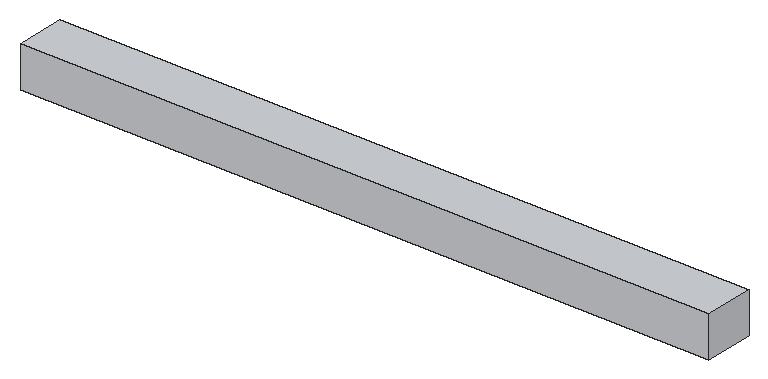
Revit family "XXX_ELT_Leuchte", category Leuchten, Revit 2014
Parameters (values of type "A7.1 Langfeld-Anbauleuchte, Spiegelraster, 1x28W, IP20")
  test = Familie3 : Familie3
  länge = 1180 mm
  höhe = 70 mm
  radius = 500 mm
  breite = 85 mm
  built-in parameter 1150104 = 13.8 (stored number, unit not read)
  Wattage = 28 W
  Emit from Line Length = 609.6 mm
  built-in parameter 1150113 = 1 (stored number, unit not read)
  built-in parameter 1114218 = 1 (stored number, unit not read)
  built-in parameter 1150134 = 3
  built-in parameter 1150109 = 1 (stored number, unit not read)
  built-in parameter 1150110 = 1 (stored number, unit not read)
  Spannung Vorschaltgerät = 230 V
  Scheinlast = 28 VA
  Rundleuchte = no
  Rechteck-Koerper = yes
  Rahmen = no
  Modell = "A7.1"
  Länge_berechnet [instance] = länge - 100 mm  # 1080 mm
  built-in parameter 1114217 = 1 (stored number, unit not read)
  built-in parameter 1150139 = (empty or 0)
  built-in parameter 1150105 = 1323.9 (stored number, unit not read)
  built-in parameter 1150114 = 1 (stored number, unit not read)
  Lumens = 4159.17 lm
  built-in parameter 1150115 = 1 (stored number, unit not read)
  Lastklassifizierung [instance] = Sonstige
  built-in parameter 1150112 = 1 (stored number, unit not read)
  Light Source Symbol Size = 609.6 mm
  Flammen = yes
  Flamme4 = 0 mm
  Flamme3 = 0 mm
  Flamme2 = 0 mm
  Flamme1 = 0 mm
  Dimming Lamp Color Temperature Shift = (empty or 0)
  Color Filter = 16777215
  built-in parameter 1150133 = 10 (stored number, unit not read)
  built-in parameter 1150137 = (empty or 0)
  built-in parameter 1150132 = (empty or 0)
  Einbauleuchte = no
  ELT_Leuchtentyp = "A7"
  ELT_Lampenbezeichnung [instance] = no
  built-in parameter 1150106 = 13.239 (stored number, unit not read)
  built-in parameter 1150107 = 3200 (stored number, unit not read)
  built-in parameter 1150102 = (empty or 0)
  built-in parameter 1150138 = (empty or 0)
Types (54, lengths in mm): name | länge | höhe | radius | breite | Wattage | built-in parameter 1150134 | Scheinlast | Rahmen | Modell | Länge_berechnet | built-in parameter 1150105 | Lumens | Flammen | Flamme4 | Flamme3 | Flamme2 | Flamme1 | Dimming Lamp Color Temperature Shift | ELT_Leuchtentyp | built-in parameter 1150106 | built-in parameter 1150107
  B2 Leuchte in Bettenschiene integriert, 1x36W | 1500 | 100 | 174.345 | 313 | 72 W | 3 | 72 VA | no | "B2" | 1400 | 3404.3 (stored number, unit not read) | 10695 lm | yes | 60 | 60 | 60 | 60 | (empty or 0) | "B2" | 34.043 (stored number, unit not read) | 3200 (stored number, unit not read)
  B1 Leuchte in Bettenschiene integriert, 2x58W | 500 | 100 | 174.345 | 189 | 116 W | 3 | 116 VA | no | "B1" | 400 | 5484.8 (stored number, unit not read) | 17230.9 lm | yes | 0 | 0 | 0 | 0 | (empty or 0) | "B1" | 54.848 (stored number, unit not read) | 3200 (stored number, unit not read)
  A13-D Reinraum-Anbauleuchte, Spiegelraster, VSG-Abdeckung, 1x49W, IP65 | 1600 | 70 | 500 | 412 | 49 W | 3 | 49 VA | no | "A13-D" | 1500 | 2316.8 (stored number, unit not read) | 7278.56 lm | yes | 0 | 0 | 0 | 0 | (empty or 0) | "" | 23.168 (stored number, unit not read) | 3200 (stored number, unit not read)
  A17.2 Langfeld-Anbauleuchte,opale Wanne, 1x54W, IP50 | 1234 | 70 | 500 | 111 | 54 W | 3 | 54 VA | no | "A17.2" | 1134 | 2553.2 (stored number, unit not read) | 8021.27 lm | yes | 0 | 0 | 0 | 0 | (empty or 0) | "" | 25.532 (stored number, unit not read) | 3200 (stored number, unit not read)
  A17.1 Langfeld-Anbauleuchte, opale Wanne, 1x28W, IP50 | 1234 | 70 | 500 | 111 | 28 W | 3 | 28 VA | no | "A17.1" | 1134 | 1323.9 (stored number, unit not read) | 4159.17 lm | yes | 0 | 0 | 0 | 0 | (empty or 0) | "" | 13.239 (stored number, unit not read) | 3200 (stored number, unit not read)
  A6  FR-Hängeleuchte, transp. Abdeckwanne, 2x54W, IP66 | 1300 | 113 | 500 | 170 | 108 W | 3 | 108 VA | no | "A6-P" | 1200 | 5106.5 (stored number, unit not read) | 16042.5 lm | yes | 60 | 60 | 60 | 60 | (empty or 0) | "A6" | 51.065 (stored number, unit not read) | 3200 (stored number, unit not read)
  A2.2  FR-Hängeleuchte, transp. Abdeckwanne, 1x49W, IP66 | 1600 | 113 | 500 | 115 | 49 W | 3 | 49 VA | no | "A2.2-P" | 1500 | 2316.8 (stored number, unit not read) | 7278.56 lm | yes | 0 | 0 | 0 | 0 | (empty or 0) | "A2" | 23.168 (stored number, unit not read) | 3200 (stored number, unit not read)
  A4 FR-Hängeleuchte, transp. Abdeckwanne, 2x35W, IP66 | 1600 | 113 | 500 | 170 | 70 W | 3 | 70 VA | no | "A4-P" | 1500 | 3309.8 (stored number, unit not read) | 10397.9 lm | yes | 60 | 60 | 60 | 60 | (empty or 0) | "" | 33.098 (stored number, unit not read) | 3200 (stored number, unit not read)
  A14.1 Langfeld-Hängeleuchte, Spiegelraster, 1x49W, IP20 | 1600 | 70 | 500 | 197 | 49 W | 3 | 49 VA | no | "A14.1-P" | 1500 | 2316.8 (stored number, unit not read) | 7278.56 lm | yes | 0 | 0 | 0 | 0 | (empty or 0) | "" | 23.168 (stored number, unit not read) | 3200 (stored number, unit not read)
  A5 FR-Hängeleuchte, transp. Abdeckwanne, 2x49W, IP66 | 1600 | 113 | 500 | 170 | 98 W | 3 | 98 VA | no | "A5-P" | 1500 | 4633.7 (stored number, unit not read) | 14557.1 lm | yes | 60 | 60 | 60 | 60 | (empty or 0) | "A5" | 46.337 (stored number, unit not read) | 3200 (stored number, unit not read)
  A2.1  FR-Hängeleuchte, transp. Abdeckwanne, 1x35W, IP66 | 1600 | 113 | 500 | 115 | 35 W | 3 | 35 VA | no | "A2.1-P" | 1500 | 1654.9 (stored number, unit not read) | 5198.97 lm | yes | 0 | 0 | 0 | 0 | (empty or 0) | "A2" | 16.549 (stored number, unit not read) | 3200 (stored number, unit not read)
  A1.2 FR-Hängeleuchte, transp. Abdeckwanne, 1x54W, IP66 | 1270 | 113 | 500 | 113 | 54 W | 3 | 54 VA | no | "A1.2-P" | 1170 | 2553.2 (stored number, unit not read) | 8021.27 lm | yes | 0 | 0 | 0 | 0 | (empty or 0) | "" | 25.532 (stored number, unit not read) | 3200 (stored number, unit not read)
  A1.1 FR-Hängeleuchte, transp. Abdeckwanne, 1x28W, IP66 | 1270 | 113 | 500 | 113 | 28 W | 3 | 28 VA | no | "A1.1-P" | 1170 | 1323.9 (stored number, unit not read) | 4159.17 lm | yes | 0 | 0 | 0 | 0 | (empty or 0) | "" | 13.239 (stored number, unit not read) | 3200 (stored number, unit not read)
  E2-D Reinraum Einbauleuchte, Spiegelraster,VSG-Abdeckung, 2x80W, IP65 | 1500 | 100 | 195 | 300 | 160 W | 3 | 160 VA | yes | "E2-D" | 1400 | 7565.2 (stored number, unit not read) | 23766.7 lm | no | 0 | 0 | 0 | 0 | (empty or 0) | "" | 75.652 (stored number, unit not read) | 3200 (stored number, unit not read)
  A9 Anbau Tiefstrahler quadratisch, VSG-matt, 1x42W, IP65 | 260 | 70 | 500 | 260 | 42 W | 3 | 42 VA | yes | "A9" | 160 | 1985.9 (stored number, unit not read) | 6238.76 lm | no | 0 | 0 | 0 | 0 | (empty or 0) | "" | 19.859 (stored number, unit not read) | 3200 (stored number, unit not read)
  E4.2-D Reinraum-Einbauleuchte, Spiegelraster, VSG-Abdeckung, 2x49W, IP65 | 1500 | 100 | 195 | 300 | 98 W | 3 | 98 VA | yes | "E4.2-D" | 1400 | 4633.7 (stored number, unit not read) | 14557.1 lm | no | 0 | 0 | 0 | 0 | (empty or 0) | "E4.2-D" | 46.337 (stored number, unit not read) | 3200 (stored number, unit not read)
  E4.1-D Reinraum-Einbauleuchte, Spiegelraster, VSG-Abdeckung, 2x35W, IP65 | 1500 | 100 | 195 | 300 | 70 W | 3 | 70 VA | yes | "E4.1-D" | 1400 | 3309.8 (stored number, unit not read) | 10397.9 lm | no | 0 | 0 | 0 | 0 | (empty or 0) | "E4.1-D" | 33.098 (stored number, unit not read) | 3200 (stored number, unit not read)
  A14.2 Langfeld-Anbauleuchte, Spiegelraster, 1x80W, IP20 | 1600 | 70 | 500 | 197 | 80 W | 3 | 80 VA | no | "A14.2" | 1500 | 3782.6 (stored number, unit not read) | 11883.4 lm | yes | 0 | 0 | 0 | 0 | (empty or 0) | "" | 37.826 (stored number, unit not read) | 3200 (stored number, unit not read)
  A14.1 Langfeld-Anbauleuchte, Spiegelraster, 1x49W, IP20 | 1600 | 70 | 500 | 197 | 49 W | 3 | 49 VA | no | "A14.1" | 1500 | 2316.8 (stored number, unit not read) | 7278.56 lm | yes | 0 | 0 | 0 | 0 | (empty or 0) | "" | 23.168 (stored number, unit not read) | 3200 (stored number, unit not read)
  A13 Reinraum-Anbauleuchte, Spiegelraster, VSG-Abdeckung, 1x49W, IP65 | 1600 | 70 | 500 | 412 | 49 W | 3 | 49 VA | no | "A13" | 1500 | 2316.8 (stored number, unit not read) | 7278.56 lm | yes | 0 | 0 | 0 | 0 | (empty or 0) | "" | 23.168 (stored number, unit not read) | 3200 (stored number, unit not read)
  A10.2 Langfeld-Anbauleuchte, weißes Raster, 1x54W, IP20 | 1300 | 70 | 500 | 197 | 54 W | 3 | 54 VA | no | "A10.2" | 1200 | 2553.2 (stored number, unit not read) | 8021.27 lm | yes | 0 | 0 | 0 | 0 | (empty or 0) | "" | 25.532 (stored number, unit not read) | 3200 (stored number, unit not read)
  A12 Langfeld-Anbauleuchte, Prismenwanne, 1x36W, IP54 | 1300 | 70 | 500 | 110 | 36 W | 3 | 36 VA | no | "A12" | 1200 | 1702.2 (stored number, unit not read) | 5347.51 lm | yes | 0 | 0 | 0 | 0 | (empty or 0) | "" | 17.022 (stored number, unit not read) | 3200 (stored number, unit not read)
  A11 Langfeld-Anbauleuchte, Prismenwanne, 1x58W, IP54 | 1600 | 70 | 500 | 110 | 58 W | 3 | 58 VA | no | "A11" | 1500 | 2742.4 (stored number, unit not read) | 8615.43 lm | yes | 0 | 0 | 0 | 0 | (empty or 0) | "" | 27.424 (stored number, unit not read) | 3200 (stored number, unit not read)
  A10.1 Langfeld-Anbauleuchte, weißes Raster, 1x28W, IP20 | 1300 | 70 | 500 | 197 | 28 W | 3 | 28 VA | no | "A10.1" | 1200 | 1323.9 (stored number, unit not read) | 4159.17 lm | yes | 0 | 0 | 0 | 0 | (empty or 0) | "" | 13.239 (stored number, unit not read) | 3200 (stored number, unit not read)
  E1.2 Langfeld-Einbauleuchte, weißes Raster,1x54W, IP20 | 1200 | 100 | 195 | 106 | 54 W | 3 | 54 VA | yes | "E1.2" | 1100 | 2553.2 (stored number, unit not read) | 8021.27 lm | no | 0 | 0 | 0 | 0 | (empty or 0) | "E1" | 25.532 (stored number, unit not read) | 3200 (stored number, unit not read)
  E8.2 Langfeld-Einbauleuchte, weißes Raster, 2x49W, IP20 | 1500 | 100 | 195 | 190 | 98 W | 3 | 98 VA | yes | "E8.2" | 1400 | 4633.7 (stored number, unit not read) | 14557.1 lm | no | 0 | 0 | 0 | 0 | (empty or 0) | "" | 46.337 (stored number, unit not read) | 3200 (stored number, unit not read)
  E5.2 Langfeld-Einbauleuchte, weißes Raster, 1x49W, IP20 | 1500 | 100 | 195 | 106 | 49 W | 3 | 49 VA | yes | "E5.2" | 1400 | 2316.8 (stored number, unit not read) | 7278.56 lm | no | 0 | 0 | 0 | 0 | (empty or 0) | "E5" | 23.168 (stored number, unit not read) | 3200 (stored number, unit not read)
  E5.3 Langfeld-Einbauleuchte, weißes Raster, 1x80W, IP20 | 1500 | 100 | 195 | 106 | 80 W | 3 | 80 VA | yes | "E5.3" | 1400 | 3782.6 (stored number, unit not read) | 11883.4 lm | no | 0 | 0 | 0 | 0 | (empty or 0) | "E5" | 37.826 (stored number, unit not read) | 3200 (stored number, unit not read)
  E4.2 Reinraum-Einbauleuchte, Spiegelraster, VSG-Abdeckung, 2x49W, IP65 | 1500 | 100 | 195 | 300 | 98 W | 3 | 98 VA | yes | "E4.2" | 1400 | 4633.7 (stored number, unit not read) | 14557.1 lm | no | 0 | 0 | 0 | 0 | (empty or 0) | "E4" | 46.337 (stored number, unit not read) | 3200 (stored number, unit not read)
  E3.2 Langfeld-Einbauleuchte, Spiegelraster, 1x49W, IP20 | 1500 | 100 | 195 | 106 | 49 W | 3 | 49 VA | yes | "E3.2" | 1400 | 2316.8 (stored number, unit not read) | 7278.56 lm | no | 0 | 0 | 0 | 0 | (empty or 0) | "" | 23.168 (stored number, unit not read) | 3200 (stored number, unit not read)
  E3.3 Langfeld-Einbauleuchte, Spiegelraster, 1x80W, IP20 | 1500 | 100 | 195 | 106 | 80 W | 3 | 80 VA | yes | "E3.3" | 1400 | 3782.6 (stored number, unit not read) | 11883.4 lm | no | 0 | 0 | 0 | 0 | (empty or 0) | "E3" | 37.826 (stored number, unit not read) | 3200 (stored number, unit not read)
  D4.1 Einbau-Downlight quadratisch, glänzender Reflektor, Abdeckung Opalglas, 1x26W, IP54 | 250 | 100 | 195 | 250 | 26 W | 3 | 26 VA | yes | "D4.1" | 150 | 1229.3 (stored number, unit not read) | 3862.09 lm | no | 0 | 0 | 0 | 0 | (empty or 0) | "D4" | 12.293 (stored number, unit not read) | 3200 (stored number, unit not read)
  A1.2 FR-Anbauleuchte, transp. Abdeckwanne, 1x54W, IP66 | 1270 | 113 | 500 | 113 | 54 W | 3 | 54 VA | no | "A1.2" | 1170 | 2553.2 (stored number, unit not read) | 8021.27 lm | yes | 0 | 0 | 0 | 0 | (empty or 0) | "" | 25.532 (stored number, unit not read) | 3200 (stored number, unit not read)
  A7.2 Langfeld-Anbauleuchte, Spiegelraster, 1x54W, IP20 | 1180 | 70 | 500 | 85 | 54 W | 3 | 54 VA | no | "A7.2" | 1080 | 2553.2 (stored number, unit not read) | 8021.27 lm | yes | 0 | 0 | 0 | 0 | (empty or 0) | "A7" | 25.532 (stored number, unit not read) | 3200 (stored number, unit not read)
  A2.3  FR-Anbauleuchte, transp. Abdeckwanne, 1x80W, IP66 | 1600 | 113 | 500 | 115 | 80 W | 3 | 80 VA | no | "A2.3" | 1500 | 3782.6 (stored number, unit not read) | 11883.4 lm | yes | 0 | 0 | 0 | 0 | (empty or 0) | "A2" | 37.826 (stored number, unit not read) | 3200 (stored number, unit not read)
  A2.1  FR-Anbauleuchte, transp. Abdeckwanne, 1x35W, IP66 | 1600 | 113 | 500 | 115 | 35 W | 3 | 35 VA | no | "A2.1" | 1500 | 1654.9 (stored number, unit not read) | 5198.97 lm | yes | 0 | 0 | 0 | 0 | (empty or 0) | "A2" | 16.549 (stored number, unit not read) | 3200 (stored number, unit not read)
  A7.2-P Langfeld-Hängeleuchte, spiegelraster, 1x54W, IP20 | 1180 | 70 | 500 | 85 | 54 W | 3 | 54 VA | no | "A7.2-P" | 1080 | 2553.2 (stored number, unit not read) | 8021.27 lm | yes | 0 | 0 | 0 | 0 | (empty or 0) | "" | 25.532 (stored number, unit not read) | 3200 (stored number, unit not read)
  E4-D Einbauleuchte, 2x49W, RPX-Raster, IP20 | 1500 | 100 | 195 | 300 | 98 W | 2 | 98 VA | yes | "E4-D" | 1400 | 4633.7 (stored number, unit not read) | 14557.1 lm | no | 0 | 0 | 0 | 0 | (empty or 0) | "E4-D" | 46.337 (stored number, unit not read) | 5000 (stored number, unit not read)
  A7.1 Langfeld-Anbauleuchte, Spiegelraster, 1x28W, IP20 | 1180 | 70 | 500 | 85 | 28 W | 3 | 28 VA | no | "A7.1" | 1080 | 1323.9 (stored number, unit not read) | 4159.17 lm | yes | 0 | 0 | 0 | 0 | (empty or 0) | "A7" | 13.239 (stored number, unit not read) | 3200 (stored number, unit not read)
  A6  FR-Anbauleuchte, transp. Abdeckwanne, 2x54W, IP66 | 1300 | 113 | 500 | 170 | 108 W | 3 | 108 VA | no | "A6" | 1200 | 5106.5 (stored number, unit not read) | 16042.5 lm | yes | 60 | 60 | 60 | 60 | (empty or 0) | "A6" | 51.065 (stored number, unit not read) | 3200 (stored number, unit not read)
  A5 FR-Anbauleuchte, transp. Abdeckwanne, 2x49W, IP66 | 1600 | 113 | 500 | 170 | 98 W | 3 | 98 VA | no | "A5" | 1500 | 4633.7 (stored number, unit not read) | 14557.1 lm | yes | 60 | 60 | 60 | 60 | (empty or 0) | "A5" | 46.337 (stored number, unit not read) | 3200 (stored number, unit not read)
  A4 FR-Anbauleuchte, transp. Abdeckwanne, 2x35W, IP66 | 1600 | 113 | 500 | 170 | 70 W | 3 | 70 VA | no | "A4" | 1500 | 3309.8 (stored number, unit not read) | 10397.9 lm | yes | 60 | 60 | 60 | 60 | (empty or 0) | "A4" | 33.098 (stored number, unit not read) | 3200 (stored number, unit not read)
  A3 FR-Anbauleuchte, transp. Abdeckwanne, 2x28W, IP66 | 1300 | 113 | 500 | 170 | 56 W | 3 | 56 VA | no | "A3" | 1200 | 2647.8 (stored number, unit not read) | 8318.35 lm | yes | 60 | 60 | 60 | 60 | (empty or 0) | "A3" | 26.478 (stored number, unit not read) | 3200 (stored number, unit not read)
  A2.2  FR-Anbauleuchte, transp. Abdeckwanne, 1x49W, IP66 | 1600 | 113 | 500 | 115 | 49 W | 3 | 49 VA | no | "A2.2" | 1500 | 2316.8 (stored number, unit not read) | 7278.56 lm | yes | 0 | 0 | 0 | 0 | (empty or 0) | "A2" | 23.168 (stored number, unit not read) | 3200 (stored number, unit not read)
  E8.1 Langfeld-Einbauleuchte, weißes Raster, 2x35W, IP20 | 1500 | 100 | 195 | 190 | 70 W | 3 | 70 VA | yes | "E8.1" | 1400 | 3309.8 (stored number, unit not read) | 10397.9 lm | no | 0 | 0 | 0 | 0 | (empty or 0) | "" | 33.098 (stored number, unit not read) | 3200 (stored number, unit not read)
  D5 Einbau-Downlight quadratisch, glänzender Reflektor, Abdeckung Opalglas, 1x18W, IP54 | 250 | 100 | 195 | 250 | 18 W | 3 | 18 VA | yes | "D5" | 150 | 851.08 (stored number, unit not read) | 2673.76 lm | no | 0 | 0 | 0 | 0 | (empty or 0) | "d5" | 8.5108 (stored number, unit not read) | 3200 (stored number, unit not read)
  E6 Langfeld-Einbauleuchte, opale Plexiglas Abdeckung, 2x28W, IP20 | 1250 | 100 | 195 | 313 | 56 W | 3 | 56 VA | yes | "E6" | 1150 | 2647.8 (stored number, unit not read) | 8318.35 lm | no | 0 | 0 | 0 | 0 | (empty or 0) | "E6" | 26.478 (stored number, unit not read) | 3200 (stored number, unit not read)
  E4.1 Reinraum-Einbauleuchte, Spiegelraster, VSG-Abdeckung, 2x35W, IP65 | 1500 | 100 | 195 | 300 | 70 W | 3 | 70 VA | yes | "E4.1" | 1400 | 3309.8 (stored number, unit not read) | 10397.9 lm | no | 0 | 0 | 0 | 0 | (empty or 0) | "E4" | 33.098 (stored number, unit not read) | 3200 (stored number, unit not read)
  E5.1 Langfeld-Einbauleuchte, weißes Raster, 1x35W, IP20 | 1500 | 100 | 195 | 106 | 35 W | 3 | 35 VA | yes | "E5.1" | 1400 | 1654.9 (stored number, unit not read) | 5198.97 lm | no | 0 | 0 | 0 | 0 | (empty or 0) | "E5" | 16.549 (stored number, unit not read) | 3200 (stored number, unit not read)
  E3.1 Langfeld-Einbauleuchte, Spiegelraster, 1x35W, IP20 | 1500 | 100 | 195 | 106 | 35 W | 3 | 35 VA | yes | "E3.1" | 1400 | 1654.9 (stored number, unit not read) | 5198.97 lm | no | 0 | 0 | 0 | 0 | (empty or 0) | "" | 16.549 (stored number, unit not read) | 3200 (stored number, unit not read)
  E1.1 Langfeld-Einbauleuchte, weißes Raster,1x28W, IP20 | 1200 | 100 | 195 | 106 | 28 W | 3 | 28 VA | yes | "E1.1" | 1100 | 1323.9 (stored number, unit not read) | 4159.17 lm | no | 0 | 0 | 0 | 0 | (empty or 0) | "E1" | 13.239 (stored number, unit not read) | 3200 (stored number, unit not read)
  E2 Reinraum Einbauleuchte, Spiegelraster,VSG-Abdeckung, 2x80W, IP65 | 1500 | 100 | 195 | 300 | 160 W | 3 | 160 VA | yes | "E2" | 1400 | 7565.2 (stored number, unit not read) | 23766.7 lm | no | 0 | 0 | 0 | 0 | (empty or 0) | "E2" | 75.652 (stored number, unit not read) | 3200 (stored number, unit not read)
  D4.2 Einbau-Downlight quadratisch, glänzender Reflektor, Abdeckung Opalglas, 1x32W, IP54 | 250 | 100 | 195 | 250 | 32 W | 3 | 32 VA | yes | "D4.2" | 150 | 1513 (stored number, unit not read) | 4753.34 lm | no | 0 | 0 | 0 | 0 | (empty or 0) | "D4" | 15.13 (stored number, unit not read) | 3200 (stored number, unit not read)
  A1.1 FR-Anbauleuchte, transp. Abdeckwanne, 1x28W, IP66 | 1270 | 113 | 500 | 113 | 28 W | 2 | 28 VA | no | "A1.1" | 1170 | 1323.9 (stored number, unit not read) | 4159.17 lm | yes | 0 | 0 | 0 | 0 | 1 | "" | 13.239 (stored number, unit not read) | 5000 (stored number, unit not read)
Reference planes
  plane 1 "Mitte (Vorne/hinten)": y = 0
  plane 2: z = 0
  plane 3 "Mitte (Links/rechts)": x = 0
  plane 4: y = 42.5
  plane 5: x = 590
  plane 6: y = -42.5
  plane 7: x = -590
  plane 8: z = 70
  plane 9: x = -540
  plane 10: x = 540
  plane 11: y = 0
  plane 12: y = 0
  plane 13: y = 0
  plane 14: y = 0
Forms (mm)
  Extrusion 1, solid, visible <- "Rechteck-Koerper"
    sketch origin (0, 0, 0) x (1, 0, 0) y (0, 1, 0)
      loop
        line (-590, 42.5) -> (-590, -42.5) -> (590, -42.5) -> (590, 42.5) -> (-590, 42.5)
    from 0 to 70
  Extrusion 2, solid, visible <- "Rundleuchte"
    sketch origin (0, 0, 0) x (1, 0, 0) y (0, 1, 0)
      loop
        circle (0, 0) r 500
    from 0 to 70
Lines and regions (mm)
  symbolic lines, visible <- "Rahmen"
    curve 1: line (-590, 42.5, 0) -> (590, 42.5, 0)
    curve 2: line (-590, -42.5, 0) -> (-590, 42.5, 0)
    curve 3: line (590, -42.5, 0) -> (-590, -42.5, 0)
    curve 4: line (590, 42.5, 0) -> (590, -42.5, 0)
  symbolic lines, visible <- "Rundleuchte"
    curve 5: circle (0, 0, 0) r 500 normal (0, 0, 1)
    curve 8: line (499.914, 9.28, 0) -> (-499.914, -9.28, 0)
    curve 18: line (-499.914, 9.28, 0) -> (499.914, -9.28, 0)
  symbolic lines, visible <- "Einbauleuchte"
    curve 6: line (-590, 7.5, 0) -> (590, 7.5, 0)
    curve 7: line (-590, -7.5, 0) -> (590, -7.5, 0)
  symbolic lines, not visible
    curve 9: line (-692.494, 79.199, 0) -> (-692.494, 14.199, 0)
    curve 10: line (-692.494, 46.699, 0) -> (756.506, 46.699, 0)
    curve 11: line (756.506, 79.199, 0) -> (756.506, 14.199, 0)
    curve 12: line (-574.5, 79.199, 0) -> (-574.5, 14.199, 0)
    curve 13: line (-574.5, 46.699, 0) -> (574.5, 46.699, 0)
    curve 14: line (574.5, 79.199, 0) -> (574.5, 14.199, 0)
    curve 15: line (-200, 214.083, 0) -> (-200, 154.083, 0)
    curve 16: line (-200, 184.083, 0) -> (200, 184.083, 0)
    curve 17: line (200, 214.083, 0) -> (200, 154.083, 0)
Dimensions and locks
  equal spacing: plane 6, plane 1 "Mitte (Vorne/hinten)", plane 4
  "breite": plane 4 to plane 6
  equal spacing: plane 7, plane 3 "Mitte (Links/rechts)", plane 5
  "länge": plane 7 to plane 5
  "höhe": plane 8 to level
  Extrusion 1 to curve 7 = 50 mm
  Extrusion 1 to curve 6 = 50 mm
  locked: plane 7 to plane 9 at 50
  locked: plane 10 to plane 5 at 50
  "Flamme3": plane 1 "Mitte (Vorne/hinten)" to plane 12
  "Flamme4": plane 1 "Mitte (Vorne/hinten)" to plane 11
  "Flamme2": plane 13 to plane 1 "Mitte (Vorne/hinten)"
  "Flamme1": plane 14 to plane 1 "Mitte (Vorne/hinten)"
  "radius": radius of curve 5
  "radius": radius of Extrusion 2 sketch curve
  aligned and locked: level to plane 2
  aligned and locked: Extrusion 1 sketch curve to plane 4
  aligned and locked: Extrusion 1 sketch curve to plane 7
  aligned and locked: Extrusion 1 sketch curve to plane 6
  aligned and locked: Extrusion 1 sketch curve to plane 5
  aligned and locked: plane 8 to Extrusion 1
  aligned and locked: Extrusion 1 to level
  aligned and locked: Extrusion 1 to Extrusion 2
  aligned and locked: nested 1 to plane 11
  aligned and locked: nested 4 to plane 14
  aligned and locked: nested 3 to plane 12
  aligned and locked: nested 2 to plane 13
  aligned and locked: nested 5 to plane 7
  aligned and locked: nested 5 to plane 4
Automatic sketch dimensions
  curve 15 to curve 17 = 0 mm
  curve 17 to curve 16 = 30 mm
  curve 16 to curve 17 = 30 mm
  curve 16 to curve 15 = 30 mm
  curve 15 to curve 17 = 400 mm
  curve 6 to plane 7 = 0 mm
  plane 1 "Mitte (Vorne/hinten)" to curve 5 = 0 mm
  curve 5 to plane 3 "Mitte (Links/rechts)" = 0 mm
  curve 7 to plane 5 = 0 mm
  plane 6 to curve 3 = 0 mm
  curve 1 to plane 4 = 0 mm
  plane 1 "Mitte (Vorne/hinten)" to curve 8 = 9.28 mm
  curve 18 to plane 1 "Mitte (Vorne/hinten)" = 9.28 mm
  curve 8 to plane 1 "Mitte (Vorne/hinten)" = 9.28 mm
  plane 1 "Mitte (Vorne/hinten)" to curve 18 = 9.28 mm
  plane 1 "Mitte (Vorne/hinten)" to Extrusion 2 sketch curve = 0 mm
  Extrusion 2 sketch curve to plane 3 "Mitte (Links/rechts)" = 0 mm
Nested families
  nested 1: "Familie1" at (0, 0, 0), Leuchtenlänge <- "Länge_berechnet", visible <- "Flammen", type "Familie1"
    with Leuchtenlänge 1080 mm, Leuchtenhöhe 100 mm
  nested 2: "Familie1" at (0, 0, 0), Leuchtenlänge <- "Länge_berechnet", visible <- "Flammen", type "Familie1"
    with Leuchtenlänge 1080 mm, Leuchtenhöhe 100 mm
  nested 3: "Familie1" at (0, 0, 0), Leuchtenlänge <- "Länge_berechnet", visible <- "Flammen", type "Familie1"
    with Leuchtenlänge 1080 mm, Leuchtenhöhe 100 mm
  nested 4: "Familie1" at (0, 0, 0), Leuchtenlänge <- "Länge_berechnet", visible <- "Flammen", type "Familie1"
    with Leuchtenlänge 1080 mm, Leuchtenhöhe 100 mm
  nested 5: "Familie3" at (-590, 42.5, 0), type <- "test", visible <- "ELT_Lampenbezeichnung", type "Familie3"
Connectors
  electrical at (0, 0, 70), driven by "Lastklassifizierung", driven by "Spannung Vorschaltgerät", driven by "Scheinlast"
    settings: on Extrusion 2, index 1, voltage 230 V, apparent load 0 VA, apparent load phase1 28 VA, apparent load phase2 0 VA, apparent load phase3 0 VA, power factor 1, load classification "Sonstige", number of poles 1, system type 31, power factor state 1, is connector primary yes, connector utility no, sub classification motor no, connector description ""
Definition of nested family "Familie1"
  Parameters (values of type "Familie1")
    Rahmen = yes
    Leuchtenlänge [instance] = 1795.532 mm
    Leuchtenhöhe [instance] = 460 mm
  Reference planes
    plane 1 "Mitte (Vorne/Hinten)": y = 0
    plane 2: z = 0
    plane 3 "Mitte (Links/Rechts)": x = 0
  Lines and regions (mm)
    symbolic lines, style "ELT-Leuchten"
      curve 1: line (-897.766, 0, 0) -> (897.766, 0, 0)
      curve 2: line (-897.766, 230, 0) -> (-897.766, -230, 0)
      curve 3: line (897.766, 230, 0) -> (897.766, -230, 0)
  Dimensions and locks
    "Leuchtenlänge": curve 2 to curve 3
    equal spacing: curve 2, plane 1 "Mitte (Vorne/Hinten)", curve 2
    "Leuchtenhöhe": curve 2 to curve 2
    equal spacing: curve 2, plane 3 "Mitte (Links/Rechts)", curve 3
    equal spacing: curve 3, plane 1 "Mitte (Vorne/Hinten)", curve 3
    "Leuchtenhöhe": curve 3 to curve 3
    aligned and locked: level to plane 2
    aligned and locked: plane 1 "Mitte (Vorne/Hinten)" to curve 1
Definition of nested family "Familie3"
  Parameters (values of type "Familie3")
    ELT_Leuchtentyp = "tes22"
  Reference planes
    plane 1: y = 0
    plane 2: x = 0
  Text (mm)
    label "ELT_Leuchtentyp" at (2.541, 2.842, 0), shows "ELT_Leuchtentyp"
